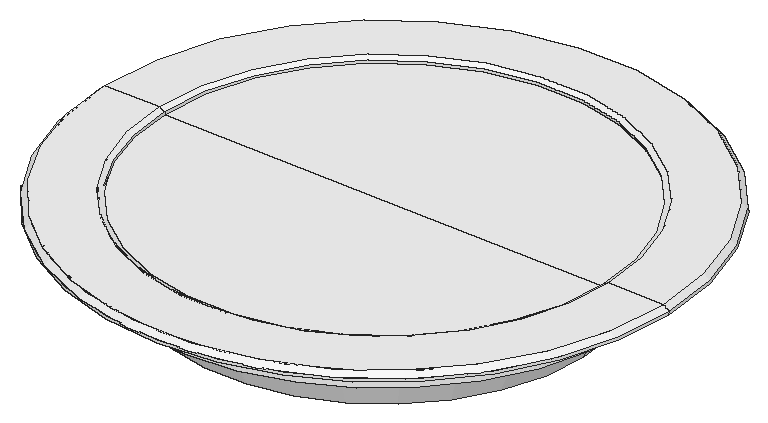
Revit family "0053876 Sylvania Lighting Fixture START eco Downlight Flat 1400lm 830", category Lighting Fixtures, host Face, Revit 2016
Family settings
  Host = Face
  Part Type = Normal
  Round Connector Dimension = Use Diameter
  OmniClass Number = 23.80.70.11.14.11
  OmniClass Title = Downlights
  Cut with Voids When Loaded = No
  Light Source = Yes
  Shared = No
  Room Calculation Point = No
Parameters (values of type "0053876 START eco Downlight Flat 1400lm 830 ")
  Weight = "5.728 kg"
  Wattage Comments = "n/a"
  Wattage = 18 W
  WarrantyStartDate [instance] = "n/a"
  WarrantyGuarantorParts = "n/a"
  WarrantyDurationUnit = "year"
  WarrantyDurationParts = "n/a"
  WarrantyDescription = "n/a"
  built-in parameter 1150110 = 1 (stored number, unit not read)
  Voltage = 230 V
  URL = "http://www.feilosylvania.com"
  TypeName = "START eco Downlight Flat 1400lm 830"
  Type Image = <None>
  Type Comments = "n/a"
  built-in parameter 1114217 = 1 (stored number, unit not read)
  Tilt Angle = -90.00°
  built-in parameter 1150109 = 1 (stored number, unit not read)
  built-in parameter 1150134 = (empty or 0)
  built-in parameter 1150113 = 1 (stored number, unit not read)
  SerialNumber [instance] = "n/a"
  ReflectorMaterial = none
  RecessedHeight_FEILO = 27 mm
  RecessedDiameter_FEILO = 200 mm
  PowerFactor = 0
  PowerConsumption = "18 W"
  Photometric Web File = "0053290.ies"
  NominalLength = 220 mm
  NominalHeight = 27 mm
  NominalDepth = 220 mm
  Name = "START eco Downlight Flat 1400lm 830"
  ModelReference = Name  # "START eco Downlight Flat 1400lm 830"
  ModelNumber = "0053876"
  Model = Name  # "START eco Downlight Flat 1400lm 830"
  Material = "Polycarbonate"
  ManufacturerName = "Feilo Sylvania"
  Manufacturer = "Feilo Sylvania"
  LuminousEfficacy = "72 lm/W"
  built-in parameter 1150105 = 446.51 (stored number, unit not read)
  Lumens = 1296 lm
  LuminaireType = "LED recessed downlight"
  built-in parameter 1150115 = 1 (stored number, unit not read)
  LightOutputRatio = "1"
  built-in parameter 1150137 = (empty or 0)
  built-in parameter 1150139 = (empty or 0)
  LampsType = Lamp  # "LED"
  LampNominalLuminous = "1300 lm"
  LampMacAdamStep = "5"
  LampColourTemperature = "3000 K"
  LampColourRenderingIndex = "80"
  built-in parameter 1150112 = 1 (stored number, unit not read)
  built-in parameter 1150114 = 1 (stored number, unit not read)
  Lamp = "LED"
  Keynote = "16500"
  InstallationDate [instance] = "n/a"
  InputVoltage = "220-240V~"
  InputNominalFrequency = "50/60 Hz"
  built-in parameter 1150132 = (empty or 0)
  built-in parameter 1150102 = (empty or 0)
  built-in parameter 1150107 = 3000 (stored number, unit not read)
  built-in parameter 1150138 = (empty or 0)
  IngressProtection = "IP20"
  ImpactProtectionIndex = "IK06"
  built-in parameter 1150106 = 4.4651 (stored number, unit not read)
  IfcExportType = "IfcLightFixtureType"
  IfcExportAs = "IfcLightFixtureType"
  ExpectedLife = 50000
  Emit from Circle Diameter = BodyLength_FEILO - 48 mm  # 180 mm
  Emit Shape Visible in Rendering = no
  ElectricShockClassification = "Class II"
  built-in parameter 1150104 = 6.689 (stored number, unit not read)
  DurationUnit = "hours"
  DocumentationLiterature = "http://www.feilosylvania.com/product/en-int/products/0053290"
  DimmingControlOptions = "Non dimmable"
  Dimming Lamp Color Temperature Shift = <None>
  DiffuserMaterial = Diffuser-Sylvania-Glow
  Description = "Integrated round recessed 220mm diameter LED downlight providing uniform distribution with an opal diffuser, 110° beam angle, 1300LM, 18W, 72lm/W, 3000K, CRI80, non-dimmable, IP20, IK06, 25,000hrs (L70)"
  Default Elevation = 1219.2 mm
  CutoutHeight_FEILO = RecessedHeight_FEILO + 10 mm  # 37 mm
  CreatedOn = "'03-11-2017"
  CreatedBy = "aron.fodor@feilosylvania.com"
  Cost = 0
  Color Filter = 16777215
  built-in parameter 1114216 [instance] = (empty or 0)
  ClassificationValue = "EF_70_80"
  ClassificationName = "Uniclass2015"
  BodyWidth_FEILO = BodyLength_FEILO  # 228 mm
  BodyMaterial = Body-Sylvania-SylFlatDimmable-White
  BodyLength_FEILO = 228 mm
  BarCode [instance] = "n/a"
  built-in parameter 1114218 = 1 (stored number, unit not read)
  built-in parameter 1150133 = 10 (stored number, unit not read)
  AssetType = "Fixed"
  AssetIdentifier [instance] = "n/a"
  Assembly Code = "D5020200"
  Apparent Load = 0 VA
  AccessoryMaterial = Diffuser-Sylvania-Glow
Reference planes
  plane 1 "Center (Front/Back)": y = 0
  plane 2: z = 0
  plane 3 "Center (Left/Right)": x = 0
  plane 4: x = 114
  plane 5: x = -114
  plane 6: y = 114
  plane 7: y = -114
  plane 8: z = 3
  plane 9: z = -27
  plane 10: x = 100
  plane 11: x = -100
  plane 12: y = 100
  plane 13: y = -100
  plane 14: z = 2
  plane 15: x = -90
  plane 16: z = -27
  plane 17: z = -37
  plane 18: x = -80
  plane 19: z = -10
  plane 20: z = 1
  plane 21: x = -112
  plane 22: x = -88
Forms (mm)
  Revolve 1, void
    sketch origin (0, 0, 0) x (1, 0, 0) y (0, 0, 1)
      loop
        line (0, 0) -> (-100, 0) -> (-100, -37) -> (0, -37) -> (0, 0)
      axis (0, 0) -> (0, -37)
    angle from 360 to 0
  Revolve 2, solid, material "Body-Sylvania-SylFlatDimmable-White" <- "BodyMaterial"
    sketch origin (0, 0, 0) x (1, 0, 0) y (0, 0, 1)
      loop
        line (0, 1) -> (-88, 1) -> (-88, 2) -> (-90, 3) -> (-112, 3) -> (-114, 1) -> (-114, 0) -> (-100, 0) -> (-100, -10) -> (-90, -10) -> (-80, -27) -> (0, -27) -> (0, 1)
      axis (0, 3) -> (0, -27)
    angle from 360 to 0
Dimensions and locks
  equal spacing: plane 5, plane 3 "Center (Left/Right)", plane 4
  equal spacing: plane 7, plane 1 "Center (Front/Back)", plane 6
  "BodyWidth_FEILO": plane 7 to plane 6
  "BodyLength_FEILO": plane 5 to plane 4
  locked: plane 8 to plane 2 at 3
  equal spacing: plane 11, plane 3 "Center (Left/Right)", plane 10
  "RecessedDiameter_FEILO": plane 11 to plane 10
  equal spacing: plane 13, plane 1 "Center (Front/Back)", plane 12
  "RecessedDiameter_FEILO": plane 13 to plane 12
  locked: plane 14 to plane 2 at 2
  locked: plane 15 to plane 5 at 24
  "RecessedHeight_FEILO": plane 2 to plane 16
  "CutoutHeight_FEILO": plane 2 to plane 17
  locked: plane 18 to plane 15 at 10
  locked: plane 2 to plane 19 at 10
  locked: plane 20 to plane 2 at 1
  locked: plane 21 to plane 5 at 2
  locked: plane 22 to plane 15 at 2
  aligned and locked: plane 2 to host face
  aligned and locked: level to host face
  aligned and locked: Revolve 1 sketch curve to plane 3 "Center (Left/Right)"
  aligned and locked: plane 17 to Revolve 1 sketch curve
  aligned and locked: plane 3 "Center (Left/Right)" to Revolve 1 sketch curve
  aligned and locked: Revolve 1 sketch curve to plane 11
  aligned and locked: level to Revolve 1 sketch curve
  aligned and locked: Revolve 2 sketch curve to plane 8
  aligned and locked: plane 5 to Revolve 2 sketch curve
  aligned and locked: Revolve 2 sketch curve to level
  aligned and locked: Revolve 2 sketch curve to plane 11
  aligned and locked: plane 19 to Revolve 2 sketch curve
  aligned and locked: plane 9 to Revolve 2 sketch curve
  aligned and locked: plane 3 "Center (Left/Right)" to Revolve 2 sketch curve
  aligned and locked: Revolve 2 sketch curve to plane 3 "Center (Left/Right)"
  aligned and locked: plane 3 "Center (Left/Right)" to imposter light
  aligned and locked: imposter light to plane 14
  aligned and locked: imposter light to plane 1 "Center (Front/Back)"
  aligned and locked: Revolve 2 sketch curve to plane 20
  aligned and locked: plane 22 to Revolve 2 sketch curve
Automatic sketch dimensions
  host sketch curve to host sketch curve = 2438.4 mm  (x2)
  plane 17 to Revolve 1 sketch curve = 577.6 mm
  Revolve 1 sketch curve to plane 8 = 2606.058 mm
  Revolve 2 sketch curve to plane 21 = 0 mm
  Revolve 2 sketch curve to plane 15 = 0 mm  (x2)
  Revolve 2 sketch curve to plane 14 = 0 mm
  Revolve 2 sketch curve to plane 18 = 0 mm
  Revolve 2 sketch curve to plane 20 = 0 mm
  plane 17 to Revolve 2 sketch curve = 572.6 mm
  Revolve 2 sketch curve to plane 8 = 2606.058 mm
Connectors
  electrical at (0, 0, 0), driven by "Apparent Load", driven by "PowerFactor", driven by "Voltage"
    settings: index 1, voltage 230 V, apparent load 0 VA, apparent load phase1 0 VA, apparent load phase2 0 VA, apparent load phase3 0 VA, power factor 0, load classification "Lighting", number of poles 1, system type 30, power factor state 1, is connector primary yes, connector utility no, sub classification motor no, connector description ""
